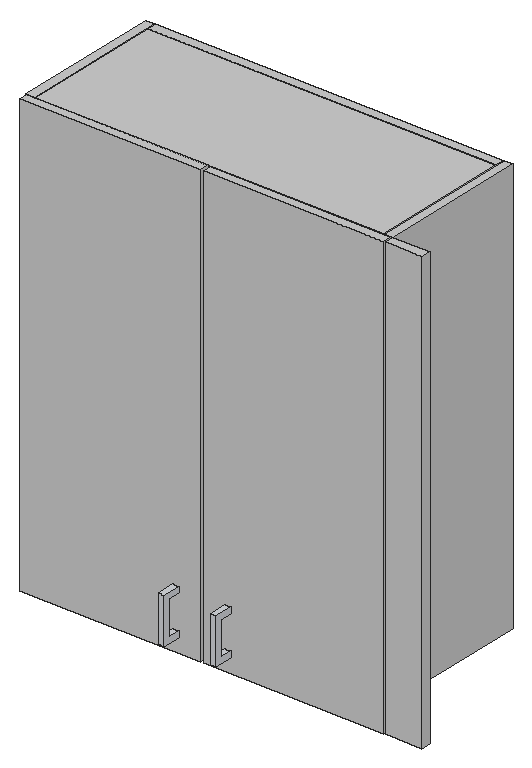
Revit family "123000 - Casework - Upper Cabinet - Generic - 302", category Generic Models, Revit 2020
Family settings
  Can host rebar = No
  Round Connector Dimension = Use Diameter
  Part Type = Normal
  Work Plane-Based = No
  Always vertical = Yes
  Cut with Voids When Loaded = No
  Shared = No
  Room Calculation Point = No
Parameters (values of type "123000 - Casework - Upper Cabinet - Generic - 302")
  Width = 2' - 6"
  Top Panel Material = PL-2 TBD
  Side Panel Material = PL-2 TBD
  Shelf Panel Material = PL-2 TBD
  Height = 3' - 0"
  Front Lip Height = 0' - 2"
  Filler Width [instance] = 0' - 3"
  Filler Strip Visibility [instance] = yes
  Door Panel Material = PL-2 TBD
  Depth = 1' - 1"
  Default Elevation = 0' - 0"
  AFF [instance] = 5' - 0"
Types (2): name | Height
  123000 - Casework - Upper Cabinet - Generic - 302 | 3' - 0"
  30x48 | 4' - 0"
Reference planes (in)
  plane 1 "Center (Front/Back)": y = 0
  plane 2: z = 0
  plane 3 "Center (Left/Right)": x = 0
  plane 4: x = 63.74702
  plane 5: x = 63.99702
  plane 6: z = 62
  plane 7: z = 96
  plane 8: x = -15
  plane 9: x = 15
  plane 10: z = 60
  plane 11: x = 18
  plane 12: x = -14.875
  plane 13: x = 0.125
  plane 14: x = -0.125
  plane 15: x = 14.875
  plane 16: z = 78
  plane 17: y = -13
  plane 18: x = 2.125
  plane 19: x = -2.125
  plane 20: z = 63
Forms (in)
  Extrusion 1, solid, material "PL-2 TBD" <- "Shelf Panel Material"
    sketch origin (-28.48977, -180, 62) x (-1, 0, 0) y (0, -1, 0)
      loop
        line (-14.23977, -179.25) -> (-14.23977, -167.75) -> (-42.73977, -167.75) -> (-42.73977, -179.25) -> (-14.23977, -179.25)
    from 0 to 0.75
  Extrusion 2, solid, material "PL-2 TBD" <- "Top Panel Material"
    sketch origin (-32.02237, -180, 96) x (-1, 0, 0) y (0, -1, 0)
      loop
        line (-17.77237, -179.25) -> (-17.77237, -167.75) -> (-46.27237, -167.75) -> (-46.27237, -179.25) -> (-17.77237, -179.25)
    from 0 to -0.75
  Extrusion 3, solid, material "PL-2 TBD" <- "Side Panel Material"
    sketch origin (15, -180, 98.41088) x (0, 0, 1) y (0, -1, 0)
      loop
        line (-2.41088, -167.75) -> (-36.41088, -167.75) -> (-36.41088, -180) -> (-2.41088, -180) -> (-2.41088, -167.75)
    from 0 to -0.75
  Extrusion 4, solid, material "PL-2 TBD" <- "Side Panel Material"
    sketch origin (-15, -180, 100.08649) x (0, 0, 1) y (0, -1, 0)
      loop
        line (-4.08649, -167.75) -> (-38.08649, -167.75) -> (-38.08649, -180) -> (-4.08649, -180) -> (-4.08649, -167.75)
    from 0 to 0.75
  Extrusion 5, solid, material "PL-2 TBD" <- "Door Panel Material"
    sketch origin (-33.05076, -13, 48) x (-1, 0, 0) y (0, 0, 1)
      loop
        line (-47.92576, 48) -> (-47.92576, 12) -> (-33.17576, 12) -> (-33.17576, 48) -> (-47.92576, 48)
    from 0 to 0.75
  Extrusion 6, solid, material "PL-2 TBD" <- "Door Panel Material"
    sketch origin (-33.05076, -13, 48) x (-1, 0, 0) y (0, 0, 1)
      loop
        line (-32.92576, 48) -> (-32.92576, 12) -> (-18.17576, 12) -> (-18.17576, 48) -> (-32.92576, 48)
    from 0 to 0.75
  Extrusion 7, solid
    sketch origin (0, 0, 0) x (1, 0, 0) y (0, 0, 1)
      loop
        line (14.25, 96) -> (-14.25, 96) -> (-14.25, 62) -> (14.25, 62) -> (14.25, 96)
    from 0 to 0.75
  Extrusion 8, solid, material "PL-2 TBD" <- "Door Panel Material", visible <- "Filler Strip Visibility"
    sketch origin (-33.05076, -13, 48) x (-1, 0, 0) y (0, 0, 1)
      loop
        line (-51.05076, 48) -> (-51.05076, 12) -> (-48.05076, 12) -> (-48.05076, 48) -> (-51.05076, 48)
    from 0 to 0.75
Lines and regions (in)
  symbolic lines, style "GenericModelHiddenLines"
    curve 1: line (-0.125, 0, 96) -> (-14.875, 0, 78)
    curve 2: line (-14.875, 0, 78) -> (-0.125, 0, 60)
    curve 3: line (0.125, 0, 60) -> (14.875, 0, 78)
    curve 4: line (14.875, 0, 78) -> (0.125, 0, 96)
Dimensions and locks (in)
  equal spacing: plane 9, plane 3 "Center (Left/Right)", plane 8
  "Width": plane 9 to plane 8
  "Front Lip Height": plane 6 to plane 10
  "Height": plane 7 to plane 10
  "Filler Width": plane 11 to plane 9
  equal spacing: plane 7, plane 16, plane 10
  locked: plane 12 to plane 8 at 0.125
  locked: plane 9 to plane 15 at 0.125
  plane 13 to plane 3 "Center (Left/Right)" to plane 14 = 0' - 0 1/8", 0' - 0 1/8"
  "Depth": plane 17 to plane 1 "Center (Front/Back)"
  "AFF": plane 10 to plane 2
  locked: plane 20 to plane 10 at 3
  equal spacing: plane 18, plane 3 "Center (Left/Right)", plane 19
  aligned and locked: plane 2 to level
  aligned and locked: plane 7 to Extrusion 8 sketch curve
  aligned and locked: Extrusion 8 sketch curve to plane 9
  aligned and locked: Extrusion 8 sketch curve to plane 10
  aligned and locked: plane 11 to Extrusion 8 sketch curve
  aligned and locked: plane 14 to Extrusion 6 sketch curve
  aligned and locked: plane 7 to Extrusion 6 sketch curve
  aligned and locked: Extrusion 6 sketch curve to plane 10
  aligned and locked: Extrusion 5 sketch curve to plane 13
  aligned and locked: plane 7 to Extrusion 5 sketch curve
  aligned and locked: Extrusion 5 sketch curve to plane 10
  aligned and locked: plane 15 to Extrusion 5 sketch curve
  aligned and locked: Extrusion 3 sketch curve to plane 7
  aligned and locked: Extrusion 4 sketch curve to plane 7
  aligned and locked: Extrusion 3 sketch curve to Extrusion 6
  aligned and locked: Extrusion 3 sketch curve to plane 1 "Center (Front/Back)"
  aligned and locked: Extrusion 7 sketch curve to Extrusion 4
  aligned and locked: Extrusion 7 sketch curve to Extrusion 3
  aligned and locked: plane 7 to Extrusion 7 sketch curve
  aligned and locked: Extrusion 2 sketch curve to Extrusion 4
  aligned and locked: Extrusion 3 to Extrusion 2 sketch curve
  aligned and locked: Extrusion 5 to Extrusion 2 sketch curve
  aligned and locked: Extrusion 2 sketch curve to Extrusion 7
  aligned and locked: Extrusion 4 to Extrusion 1 sketch curve
  aligned and locked: Extrusion 1 sketch curve to Extrusion 6
  aligned and locked: Extrusion 3 to Extrusion 1 sketch curve
  aligned and locked: Extrusion 1 sketch curve to Extrusion 7
  aligned and locked: plane 18 to nested 1
  aligned and locked: plane 17 to nested 1
  aligned and locked: plane 19 to nested 2
  aligned and locked: plane 17 to nested 2
  aligned and locked: nested 1 to plane 20
  aligned and locked: nested 2 to plane 20
  aligned and locked: plane 6 to Extrusion 3 sketch curve
  aligned and locked: plane 6 to Extrusion 4 sketch curve
  aligned and locked: plane 6 to Extrusion 7 sketch curve
Automatic sketch dimensions
  curve 1 to plane 12 = 0' - 0"
  curve 2 to plane 10 = 0' - 0"
  curve 2 to plane 14 = 0' - 0"
  curve 1 to plane 7 = 0' - 0"
  curve 1 to plane 14 = 0' - 0"
  curve 4 to plane 7 = 0' - 0"
  curve 4 to plane 13 = 0' - 0"
  curve 3 to plane 10 = 0' - 0"
  curve 3 to plane 13 = 0' - 0"
  curve 3 to plane 15 = 0' - 0"
  curve 2 to plane 16 = 0' - 0"
  curve 3 to plane 16 = 0' - 0"
  Extrusion 6 sketch curve to plane 12 = 0' - 0"
  plane 17 to Extrusion 4 sketch curve = 0' - 0 3/4"
  Extrusion 4 sketch curve to plane 1 "Center (Front/Back)" = 0' - 0"
Nested families (in)
  nested 1: "Handle-Ver-Sqr" at (2.73316, -13, 63) x (-1, 0, 0) z (0, 0, 1), type "Handle-Ver-Sqr"
  nested 2: "Handle-Ver-Sqr" at (-1.51684, -13, 63) x (-1, 0, 0) z (0, 0, 1), type "Handle-Ver-Sqr"
Definition of nested family "Handle-Ver-Sqr"
  Parameters
    Handle Material = none
    Default Elevation = 0' - 0"
  Reference planes (in)
    plane 1 "Center (Front/Back)": y = 0
    plane 2: z = 0
    plane 3 "Center (Left/Right)": x = 0.60816
    plane 4: y = -1.25
    plane 5: z = 1.625
    plane 6: z = -1.625
  Forms (in)
    Sweep 1, solid, material <- "Handle Material"
      path origin (0.60816, 0, 0) x (0, 1, 0) y (0, 0, 1)
        loop
          line (0, 1.625) -> (-1.25, 1.625) -> (-1.25, -1.625) -> (0, -1.625)
      profile origin (0, -0.625, 0) x (0, 0, -1) y (1, 0, 0)
        loop
          line (-1.625, 0.35816) -> (-1.37545, 0.35816) -> (-1.37545, 0.84661) -> (-1.87426, 0.84661) -> (-1.87426, 0.35816) -> (-1.625, 0.35816)
  Dimensions and locks (in)
    locked: plane 6 to plane 5 at 3.25
    aligned and locked: Sweep 1 sketch curve to plane 5
    aligned and locked: plane 6 to Sweep 1 sketch curve
